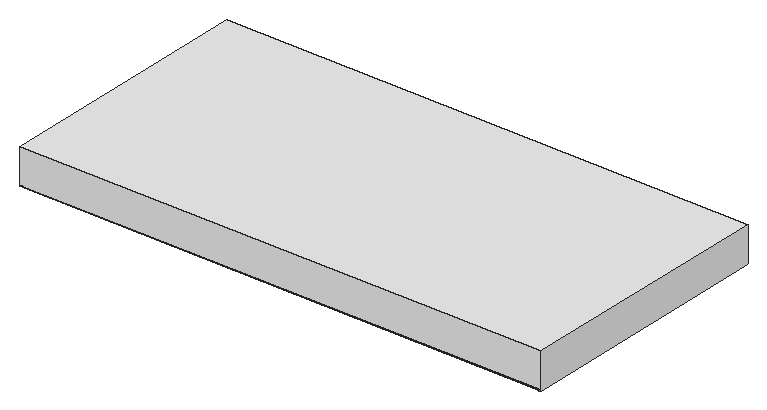
Revit family "ALT-C128", category Lighting Fixtures, host Ceiling, Revit 2019
Family settings
  Host = Ceiling
  Round Connector Dimension = Use Diameter
  Part Type = Normal
  OmniClass Number = 23.80.70.11.14.17
  OmniClass Title = Direct/Indirect
  Always vertical = Yes
  Cut with Voids When Loaded = No
  Light Source = Yes
  Shared = No
  Room Calculation Point = No
Parameters (values of type "ALT2X4-LED840K070LUNV-C128")
  Width = 1' - 11 3/4"
  Wattage = 53.67 W
  built-in parameter 1150110 = 1 (stored number, unit not read)
  Voltage = 120 V
  URL = "https://www.viscor.com/en/products/bvl"
  built-in parameter 1114217 = 0.9 (stored number, unit not read)
  Tilt Angle = 90.00°
  built-in parameter 1150109 = 1 (stored number, unit not read)
  built-in parameter 1150134 = 12
  built-in parameter 1150113 = 1 (stored number, unit not read)
  Photometric Web File = "ALT2x4-LED840K070LUNV-C128.ies"
  Model = "ALT-C128"  # constant formula
  Manufacturer = "VISIONEERING by VISCOR"  # constant formula
  Lumens = 7278.73 lm
  built-in parameter 1150115 = 1 (stored number, unit not read)
  built-in parameter 1150105 = 579.22 (stored number, unit not read)
  built-in parameter 1150137 = (empty or 0)
  built-in parameter 1150139 = (empty or 0)
  Lens Finish = Acrylic - Viscor - Frosted White
  Lens Depth = 0' - 0 1/8"
  Length = 3' - 11 3/4"
  Lamp Wattage = 53.67 VA
  built-in parameter 1150112 = 1 (stored number, unit not read)
  built-in parameter 1150114 = 1 (stored number, unit not read)
  Lamp = "LED"  # constant formula
  built-in parameter 1150132 = (empty or 0)
  built-in parameter 1150102 = (empty or 0)
  built-in parameter 1150138 = (empty or 0)
  built-in parameter 1150107 = 4000 (stored number, unit not read)
  built-in parameter 1150106 = 5.7922 (stored number, unit not read)
  Housing Finish = Metal - Viscor - White
  Emit from Rectangle Width = Width  # 1' - 11 3/4"
  Emit from Rectangle Length = Length  # 3' - 11 3/4"
  Emit from Rectangle Height = Lens Depth  # 0' - 0 1/8"
  Emit Shape Visible in Rendering = no
  built-in parameter 1150104 = 12.6 (stored number, unit not read)
  Dimming Lamp Color Temperature Shift = <None>
  Description = "Architectural Recessed Troffer with Regressed Lens"  # constant formula
  Color Filter = 16777215
  built-in parameter 1114218 = 1 (stored number, unit not read)
  built-in parameter 1150133 = 10 (stored number, unit not read)
  Assembly Code = "D5020200"
  Apparent Load = Lamp Wattage  # 53.67 VA
Types (12): name | Width | Wattage | Photometric Web File | Lumens | built-in parameter 1150105 | Length | Lamp Wattage | built-in parameter 1150106 | Emit from Rectangle Width | Emit from Rectangle Length | built-in parameter 1150104 | Apparent Load
  (no name) | 1' - 11 3/4" | 53.67 W | "ALT2x4-LED840K070LUNV-C128.ies" | 7278.73 lm | 579.22 (stored number, unit not read) | 3' - 11 3/4" | 53.67 VA | 5.7922 (stored number, unit not read) | 1' - 11 3/4" | 3' - 11 3/4" | 12.6 (stored number, unit not read) | 53.67 VA
  ALT2X4-LED840K070LUNV-C128 | 1' - 11 3/4" | 53.67 W | "ALT2x4-LED840K070LUNV-C128.ies" | 7278.73 lm | 579.22 (stored number, unit not read) | 3' - 11 3/4" | 53.67 VA | 5.7922 (stored number, unit not read) | 1' - 11 3/4" | 3' - 11 3/4" | 12.6 (stored number, unit not read) | 53.67 VA
  ALT1x4-LED840K020LUNV-C128 | 0' - 11 3/4" | 15.89 W | "ALT1x4-LED840K020LUNV-C128.ies" | 2085.24 lm | 165.94 (stored number, unit not read) | 3' - 11 3/4" | 15.89 VA | 1.6594 (stored number, unit not read) | 0' - 11 3/4" | 3' - 11 3/4" | 12.192 (stored number, unit not read) | 15.89 VA
  ALT2x2-LED840K024LUNV-C128 | 1' - 11 3/4" | 18.62 W | "ALT2x2-LED840K024LUNV-C128.ies" | 2439.96 lm | 194.17 (stored number, unit not read) | 1' - 11 3/4" | 18.62 VA | 1.9417 (stored number, unit not read) | 1' - 11 3/4" | 1' - 11 3/4" | 12.174 (stored number, unit not read) | 18.62 VA
  ALT1x4-LED840K030LUNV-C128 | 0' - 11 3/4" | 24.12 W | "ALT1x4-LED840K030LUNV-C128.ies" | 3098.94 lm | 246.61 (stored number, unit not read) | 3' - 11 3/4" | 24.12 VA | 2.4661 (stored number, unit not read) | 0' - 11 3/4" | 3' - 11 3/4" | 11.936 (stored number, unit not read) | 24.12 VA
  ALT1x4-LED840K040LUNV-C128 | 0' - 11 3/4" | 33.48 W | "ALT1x4-LED840K040LUNV-C128.ies" | 4208.44 lm | 334.9 (stored number, unit not read) | 3' - 11 3/4" | 33.48 VA | 3.349 (stored number, unit not read) | 0' - 11 3/4" | 3' - 11 3/4" | 11.678 (stored number, unit not read) | 33.48 VA
  ALT2x2-LED840K034LUNV-C128 | 1' - 11 3/4" | 27.07 W | "ALT2x2-LED840K034LUNV-C128.ies" | 3481.47 lm | 277.05 (stored number, unit not read) | 1' - 11 3/4" | 27.07 VA | 2.7705 (stored number, unit not read) | 1' - 11 3/4" | 1' - 11 3/4" | 11.948 (stored number, unit not read) | 27.07 VA
  ALT2x2-LED840K040LUNV-C128 | 1' - 11 3/4" | 32.31 W | "ALT2x2-LED840K040LUNV-C128.ies" | 4110.48 lm | 327.1 (stored number, unit not read) | 1' - 11 3/4" | 32.31 VA | 3.271 (stored number, unit not read) | 1' - 11 3/4" | 1' - 11 3/4" | 11.819 (stored number, unit not read) | 32.31 VA
  ALT2x2-LED840K050LUNV-C128 | 1' - 11 3/4" | 40.76 W | "ALT2x2-LED840K050LUNV-C128.ies" | 5100.3 lm | 405.87 (stored number, unit not read) | 1' - 11 3/4" | 40.76 VA | 4.0587 (stored number, unit not read) | 1' - 11 3/4" | 1' - 11 3/4" | 11.625 (stored number, unit not read) | 40.76 VA
  ALT2x4-LED840K036LUNV-C128 | 1' - 11 3/4" | 27.08 W | "ALT2x4-LED840K036LUNV-C128.ies" | 3787.95 lm | 301.44 (stored number, unit not read) | 3' - 11 3/4" | 27.08 VA | 3.0144 (stored number, unit not read) | 1' - 11 3/4" | 3' - 11 3/4" | 12.995 (stored number, unit not read) | 27.08 VA
  ALT2x4-LED840K050LUNV-C128 | 1' - 11 3/4" | 37.71 W | "ALT2x4-LED840K050LUNV-C128.ies" | 5205.87 lm | 414.27 (stored number, unit not read) | 3' - 11 3/4" | 37.71 VA | 4.1427 (stored number, unit not read) | 1' - 11 3/4" | 3' - 11 3/4" | 12.825 (stored number, unit not read) | 37.71 VA
  ALT2x4-LED840K060LUNV-C128 | 1' - 11 3/4" | 45.65 W | "ALT2x4-LED840K060LUNV-C128.ies" | 6245.38 lm | 496.99 (stored number, unit not read) | 3' - 11 3/4" | 45.65 VA | 4.9699 (stored number, unit not read) | 1' - 11 3/4" | 3' - 11 3/4" | 12.71 (stored number, unit not read) | 45.65 VA
Reference planes (in)
  plane 1 "Light Source Axis (F/B)": y = 0
  plane 2 "Ceiling": z = 96
  plane 3 "Light Source Axis (L/R)": x = 0
  plane 4 "Light Source Elevation": z = 95.875
  plane 5: y = 11.875
  plane 6: y = -11.875
  plane 7: x = -23.875
  plane 8: x = 23.875
  plane 9 "Lens Depth": z = 95.875
  plane 10: x = -23.46875
  plane 11: x = 23.46875
  plane 12: x = -23.40625
  plane 13: x = 23.40625
Forms (in)
  Extrusion 1, solid, material "Metal - Viscor - White" <- "Housing Finish"
    sketch origin (0, 0, -0.125) x (0, 1, 0) y (0, 0, 1)
      loop
        line (-11.783, 96) -> (11.783, 96)
        arc (11.783, 96) -> (11.82684, 96.01816) -> (11.845, 96.062) r 0.062
        line (11.845, 96.062) -> (11.845, 99.25) -> (-11.845, 99.25) -> (-11.845, 96.062)
        arc (-11.845, 96.062) -> (-11.82684, 96.01816) -> (-11.783, 96) r 0.062
    from -23.875 to 23.875
  Extrusion 2, void
    sketch origin (0, 0, 96) x (1, 0, 0) y (0, 1, 0)
      loop
        line (22.5, 10.47) -> (-22.5, 10.47) -> (-22.5, -10.47) -> (22.5, -10.47) -> (22.5, 10.47)
    from -0.125 to 1.24401
Cuts and joins
  Extrusion 2 cuts Extrusion 1
Dimensions and locks (in)
  equal spacing: host sketch curve, plane 3 "Light Source Axis (L/R)", host sketch curve
  equal spacing: host sketch curve, plane 1 "Light Source Axis (F/B)", host sketch curve
  host sketch curve to host sketch curve = 10' - 0"  (x2)
  equal spacing: plane 7, plane 3 "Light Source Axis (L/R)", plane 8
  "Length": plane 7 to plane 8
  equal spacing: plane 5, plane 1 "Light Source Axis (F/B)", plane 6
  "Width": plane 5 to plane 6
  "Emit from Rectangle Height": plane 4 "Light Source Elevation" to plane 2 "Ceiling"
  "Lens Depth": plane 2 "Ceiling" to plane 9 "Lens Depth"
  locked: plane 7 to plane 10 at 0.40625
  locked: plane 11 to plane 8 at 0.40625
  locked: plane 7 to plane 12 at 0.46875
  locked: plane 13 to plane 8 at 0.46875
  aligned and locked: plane 3 "Light Source Axis (L/R)" to imposter light
  aligned and locked: plane 1 "Light Source Axis (F/B)" to imposter light
  aligned and locked: plane 4 "Light Source Elevation" to imposter light
  aligned and locked: Extrusion 1 to plane 7
  aligned and locked: plane 8 to Extrusion 1
Automatic sketch dimensions
  Extrusion 1 sketch curve to plane 2 "Ceiling" = 0' - 0 1/8"
  Extrusion 1 sketch curve to plane 5 = 0' - 0.092"
  Extrusion 1 sketch curve to plane 2 "Ceiling" = 0' - 0.063"  (x2)
  Extrusion 1 sketch curve to Extrusion 1 sketch curve = 0' - 3.188"
  plane 6 to Extrusion 1 sketch curve = 0' - 0.03"
  plane 12 to Extrusion 2 sketch curve = 0' - 0 29/32"
  plane 6 to Extrusion 2 sketch curve = 0' - 1.405"
  Extrusion 2 sketch curve to plane 5 = 0' - 1.405"
  Extrusion 2 sketch curve to plane 13 = 0' - 0 29/32"
Connectors (in)
  electrical at (0, 0, 96), driven by "Voltage", driven by "Apparent Load"
    settings: index 1, voltage 120 V, apparent load 0 VA, apparent load phase1 53.67 VA, apparent load phase2 0 VA, apparent load phase3 0 VA, power factor 1, load classification "Other", number of poles 1, system type 31, power factor state 1, is connector primary yes, connector utility no, sub classification motor no, connector description ""
